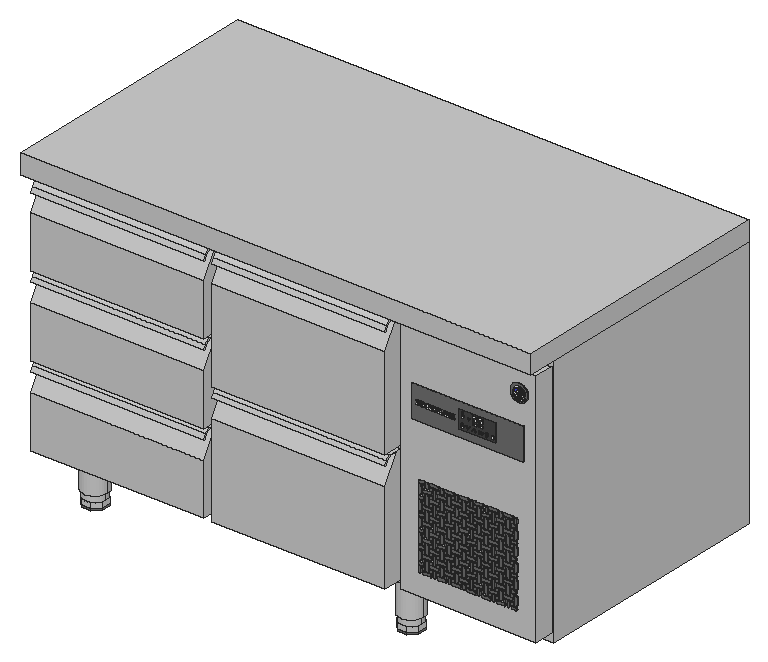
Revit family "QF_HOSHIZAKI_889000838", category Specialty Equipment, Revit 2016 (continued)
Definition of nested family "QF_HOSHIZAKI_ADVANCE_REF-COUNTER-DOORS-DRAWERS"
  Nested families
    nested 4: "2_Drawers_1-2" at (0, 0, 0), Section size <- "Section size", type "2 Drawers 1-2"
      with Worktop thickness 50 mm, Section size 446 mm, Legs height 0 mm, Height Actual 700 mm, Depth Actual 0 mm, 2 Drawers no
    nested 5: "3_Drawers_1-3_2-3" at (0, 0, 0), Section size <- "Section size", type "2 Drawers 1-3 and 2-3"
      with Worktop thickness 40 mm, Section size 446 mm, Legs height 0 mm, Height Actual 750 mm, Depth Actual 0 mm, 2 Drawers 1-3 and 2-3 no
    nested 6: "Right_Glass_Door" at (0, 0, 0), Section size <- "Section size", type "Right glass door"
      with Worktop thickness 40 mm, Section size 446 mm, Legs height 0 mm, Height Actual 750 mm, Depth Actual 0 mm, Right hand hinged glass door no
    nested 7: "Left_Glass_Door" at (0, 0, 0), Section size <- "Section size", type "Left glass door"
      with Worktop thickness 40 mm, Section size 446 mm, Legs height 0 mm, Height Actual 750 mm, Depth Actual 0 mm, Left hand hinged glass door no
  Definition of nested family "3_Drawers_1-3"
    Parameters (values of type "3 Drawers 1-3")
      Worktop thickness [instance] = 50 mm
      URL = "www.specifiglobal.com"
      Section size [instance] = 446 mm
      Model = ""
      Manufacturer = "DEMO CONSULTANT"
      Legs height [instance] = 150 mm
      Height Actual [instance] = 850 mm
      Description = ""
      Depth Actual [instance] = 700 mm
      Assembly Code = "E1090320"
      3 Drawers = yes
    Reference planes
      plane 1 "Back": y = 0
      plane 2: z = 0
      plane 3 "Left": x = 0
      plane 4 "Right": x = 446
      plane 5 "Front": y = -700
      plane 6 "Top": z = 850
      plane 7 "Front door": y = -633
      plane 8 "Bottom shelf": z = 150
      plane 9 "Worktop bottom": z = 800
      plane 10: z = 784
      plane 11: z = 170
      plane 12: z = 584
      plane 13: z = 577
      plane 14: z = 370
      plane 15: z = 377
      plane 16: z = 580.5
      plane 17: z = 373.5
      plane 18: z = 166.5
      plane 19: z = 787.5
    Forms (mm)
      Extrusion 1, solid, visible <- "3 Drawers"
        sketch origin (860, -633, 4000) x (-1, 0, 0) y (0, 0, 1)
          loop
            line (852, -3224) -> (422, -3224) -> (422, -3408) -> (852, -3408) -> (852, -3224)
          loop
            line (823, -3253) -> (451, -3253) -> (451, -3379) -> (823, -3379) -> (823, -3253)
        from 0 to -11
      Extrusion 2, solid, visible <- "3 Drawers"
        sketch origin (0, 0, 0) x (0, 1, 0) y (0, 0, 1)
          loop
            line (-644, 784) -> (-675.296, 784)
            arc (-675.296, 784) -> (-683.245, 781.721) -> (-688.778, 775.576) r 15
            line (-688.778, 775.576) -> (-694, 764.869) -> (-692.202, 763.992) -> (-686.981, 774.699)
            arc (-686.981, 774.699) -> (-682.185, 780.025) -> (-675.296, 782) r 13
            line (-675.296, 782) -> (-656.484, 782) -> (-694, 717.02) -> (-694, 584) -> (-644, 584) -> (-644, 784)
        from 0 to 446
      Extrusion 3, solid, visible <- "3 Drawers"
        sketch origin (0, 0, -237.3) x (0, 1, 0) y (0, 0, 1)
          loop
            line (-644, 814.3) -> (-675.296, 814.3)
            arc (-675.296, 814.3) -> (-683.245, 812.021) -> (-688.778, 805.876) r 15
            line (-688.778, 805.876) -> (-694, 795.169) -> (-692.202, 794.292) -> (-686.981, 804.999)
            arc (-686.981, 804.999) -> (-682.185, 810.325) -> (-675.296, 812.3) r 13
            line (-675.296, 812.3) -> (-656.484, 812.3) -> (-694, 747.32) -> (-694, 614.3) -> (-644, 614.3) -> (-644, 814.3)
        from 0 to 446
      Extrusion 4, solid, visible <- "3 Drawers"
        sketch origin (0, 0, -463.333) x (0, 1, 0) y (0, 0, 1)
          loop
            line (-644, 833.333) -> (-675.296, 833.333)
            arc (-675.296, 833.333) -> (-683.245, 831.054) -> (-688.778, 824.909) r 15
            line (-688.778, 824.909) -> (-694, 814.202) -> (-692.202, 813.326) -> (-686.981, 824.032)
            arc (-686.981, 824.032) -> (-682.185, 829.358) -> (-675.296, 831.333) r 13
            line (-675.296, 831.333) -> (-656.484, 831.333) -> (-694, 766.353) -> (-694, 633.333) -> (-644, 633.333) -> (-644, 833.333)
        from 0 to 446
      Extrusion 5, solid, visible <- "3 Drawers"
        sketch origin (860, -633, 3773.7) x (-1, 0, 0) y (0, 0, 1)
          loop
            line (852, -3204.7) -> (422, -3204.7) -> (422, -3388.7) -> (852, -3388.7) -> (852, -3204.7)
          loop
            line (823, -3233.7) -> (451, -3233.7) -> (451, -3359.7) -> (823, -3359.7) -> (823, -3233.7)
        from 0 to -11
      Extrusion 6, solid, visible <- "3 Drawers"
        sketch origin (860, -633, 3547) x (-1, 0, 0) y (0, 0, 1)
          loop
            line (852, -3185) -> (422, -3185) -> (422, -3369) -> (852, -3369) -> (852, -3185)
          loop
            line (823, -3214) -> (451, -3214) -> (451, -3340) -> (823, -3340) -> (823, -3214)
        from 0 to -11
      Extrusion 7, solid, visible <- "3 Drawers", detail levels coarse
        sketch origin (0, -608.657, 584) x (0, 1, 0) y (-1, 0, 0)
          loop
            line (-85.343, 0) -> (-551.343, 0) -> (-551.343, -446) -> (-85.343, -446) -> (-85.343, 0)
        from 0 to 200
      Extrusion 8, solid, visible <- "3 Drawers", detail levels coarse
        sketch origin (0, -503.657, 377) x (0, 1, 0) y (-1, 0, 0)
          loop
            line (-190.343, 0) -> (-656.343, 0) -> (-656.343, -446) -> (-190.343, -446) -> (-190.343, 0)
        from 0 to 200
      Extrusion 9, solid, visible <- "3 Drawers", detail levels coarse
        sketch origin (0, -343.657, 170) x (0, 1, 0) y (-1, 0, 0)
          loop
            line (-350.343, 0) -> (-816.343, 0) -> (-816.343, -446) -> (-350.343, -446) -> (-350.343, 0)
        from 0 to 200
    Lines and regions (mm)
      symbolic lines, visible <- "3 Drawers"
        curve 1: line (0, -808, 850) -> (0, -854, 850)
        curve 2: line (0, -854, 850) -> (446, -854, 850)
        curve 3: line (446, -854, 850) -> (446, -808, 850)
        curve 4: line (446, -808, 850) -> (0, -808, 850)
        curve 5: line (416, -808, 850) -> (416, -700, 850)
        curve 6: line (30, -808, 850) -> (30, -700, 850)
        curve 7: line (0, -961, 850) -> (0, -1007, 850)
        curve 8: line (0, -1007, 850) -> (446, -1007, 850)
        curve 9: line (446, -1007, 850) -> (446, -961, 850)
        curve 10: line (446, -961, 850) -> (0, -961, 850)
        curve 11: line (416, -961, 850) -> (416, -854, 850)
        curve 12: line (30, -961, 850) -> (30, -854, 850)
        curve 13: line (0, -1114, 850) -> (0, -1160, 850)
        curve 14: line (0, -1160, 850) -> (446, -1160, 850)
        curve 15: line (446, -1160, 850) -> (446, -1114, 850)
        curve 16: line (446, -1114, 850) -> (0, -1114, 850)
        curve 17: line (416, -1114, 850) -> (416, -1007, 850)
        curve 18: line (30, -1114, 850) -> (30, -1007, 850)
    Dimensions and locks
      "Section size": plane 3 "Left" to plane 4 "Right"
      "Depth Actual": plane 5 "Front" to plane 1 "Back"
      "Height Actual": plane 6 "Top" to level
      locked: plane 7 "Front door" to plane 5 "Front" at 67
      "Legs height": plane 8 "Bottom shelf" to plane 2
      "Worktop thickness": plane 6 "Top" to plane 9 "Worktop bottom"
      locked: plane 11 to plane 8 "Bottom shelf" at 20
      locked: plane 9 "Worktop bottom" to plane 10 at 16
      locked: plane 12 to plane 13 at 7
      locked: plane 15 to plane 14 at 7
      locked: plane 11 to plane 18 at 3.5
      equal spacing: plane 12, plane 16, plane 13
      equal spacing: plane 15, plane 17, plane 14
      locked: plane 19 to plane 10 at 3.5
      equal spacing: plane 19, plane 16, plane 17, plane 18
      aligned and locked: level to plane 2
      aligned and locked: Extrusion 2 to plane 4 "Right"
      aligned and locked: Extrusion 3 to plane 4 "Right"
      aligned and locked: Extrusion 4 to plane 4 "Right"
      aligned and locked: plane 4 "Right" to Extrusion 7 sketch curve
      aligned and locked: plane 3 "Left" to Extrusion 7 sketch curve
      aligned and locked: Extrusion 7 to plane 10
      aligned and locked: Extrusion 8 to plane 13
      aligned and locked: Extrusion 9 to plane 14
      aligned and locked: plane 10 to Extrusion 2 sketch curve
      aligned and locked: Extrusion 2 sketch curve to plane 12
      aligned and locked: Extrusion 3 sketch curve to plane 15
      aligned and locked: plane 13 to Extrusion 3 sketch curve
    Automatic sketch dimensions
      plane 4 "Right" to Extrusion 1 sketch curve = 8 mm
      plane 4 "Right" to Extrusion 1 sketch curve = 37 mm
      plane 3 "Left" to Extrusion 1 sketch curve = 37 mm
      plane 3 "Left" to Extrusion 1 sketch curve = 8 mm
      plane 12 to Extrusion 1 sketch curve = 8 mm
      plane 12 to Extrusion 1 sketch curve = 37 mm
      Extrusion 1 sketch curve to plane 10 = 37 mm
      Extrusion 1 sketch curve to plane 10 = 8 mm
      plane 4 "Right" to Extrusion 5 sketch curve = 8 mm
      plane 4 "Right" to Extrusion 5 sketch curve = 37 mm
      plane 3 "Left" to Extrusion 5 sketch curve = 37 mm
      plane 3 "Left" to Extrusion 5 sketch curve = 8 mm
      plane 15 to Extrusion 5 sketch curve = 8 mm
      plane 15 to Extrusion 5 sketch curve = 37 mm
      Extrusion 5 sketch curve to plane 13 = 37 mm
      Extrusion 5 sketch curve to plane 13 = 8 mm
      plane 4 "Right" to Extrusion 6 sketch curve = 8 mm
      plane 4 "Right" to Extrusion 6 sketch curve = 37 mm
      plane 3 "Left" to Extrusion 6 sketch curve = 37 mm
      plane 3 "Left" to Extrusion 6 sketch curve = 8 mm
      plane 11 to Extrusion 6 sketch curve = 8 mm
      plane 11 to Extrusion 6 sketch curve = 37 mm
      Extrusion 6 sketch curve to plane 14 = 37 mm
      Extrusion 6 sketch curve to plane 14 = 8 mm
      Extrusion 7 sketch curve to plane 5 "Front" = 460 mm
      plane 5 "Front" to Extrusion 7 sketch curve = 6 mm
      Extrusion 8 sketch curve to plane 3 "Left" = 0 mm
      Extrusion 8 sketch curve to plane 4 "Right" = 0 mm
      Extrusion 8 sketch curve to plane 5 "Front" = 460 mm
      plane 5 "Front" to Extrusion 8 sketch curve = 6 mm
      Extrusion 9 sketch curve to plane 3 "Left" = 0 mm
      Extrusion 9 sketch curve to plane 4 "Right" = 0 mm
      Extrusion 9 sketch curve to plane 5 "Front" = 460 mm
      plane 5 "Front" to Extrusion 9 sketch curve = 6 mm
      curve 13 to plane 3 "Left" = 0 mm
      curve 14 to plane 4 "Right" = 0 mm
      curve 7 to plane 3 "Left" = 0 mm
      curve 8 to plane 4 "Right" = 0 mm
      curve 1 to plane 3 "Left" = 0 mm
      curve 3 to plane 4 "Right" = 0 mm
      curve 6 to plane 5 "Front" = 0 mm
      curve 5 to plane 5 "Front" = 0 mm
      curve 1 to plane 5 "Front" = 108 mm
      curve 2 to curve 3 = 46 mm
      curve 7 to curve 1 = 107 mm
      curve 9 to curve 9 = 46 mm
      curve 16 to curve 7 = 107 mm
      curve 14 to curve 13 = 46 mm
      curve 8 to curve 17 = 30 mm
      curve 9 to curve 11 = 30 mm
      curve 3 to curve 5 = 30 mm
      plane 3 "Left" to curve 6 = 30 mm
      plane 3 "Left" to curve 18 = 30 mm
      plane 3 "Left" to curve 12 = 30 mm
      Extrusion 2 sketch curve to Extrusion 2 sketch curve = 0 mm  (x3)
      plane 5 "Front" to Extrusion 2 sketch curve = 6 mm  (x2)
      Extrusion 2 sketch curve to Extrusion 2 sketch curve = 1.798 mm  (x2)
      Extrusion 2 sketch curve to Extrusion 2 sketch curve = 11.684 mm
      plane 5 "Front" to Extrusion 2 sketch curve = 43.516 mm
      plane 5 "Front" to Extrusion 2 sketch curve = 56 mm
      Extrusion 2 sketch curve to plane 10 = 66.98 mm
      Extrusion 3 sketch curve to Extrusion 3 sketch curve = 0 mm  (x4)
      Extrusion 3 sketch curve to Extrusion 3 sketch curve = 1.798 mm  (x2)
      plane 5 "Front" to Extrusion 3 sketch curve = 11.222 mm
      Extrusion 3 sketch curve to Extrusion 3 sketch curve = 18.812 mm
      Extrusion 3 sketch curve to plane 7 "Front door" = 11 mm
      Extrusion 3 sketch curve to Extrusion 3 sketch curve = 46.972 mm
      Extrusion 4 sketch curve to Extrusion 4 sketch curve = 0 mm  (x2)
      Extrusion 4 sketch curve to plane 11 = 0 mm
      Extrusion 4 sketch curve to plane 14 = 0 mm
      Extrusion 4 sketch curve to plane 7 "Front door" = 61 mm  (x2)
      Extrusion 4 sketch curve to Extrusion 4 sketch curve = 1.798 mm  (x2)
      Extrusion 4 sketch curve to plane 14 = 8.424 mm
      Extrusion 4 sketch curve to Extrusion 4 sketch curve = 5.222 mm
      Extrusion 4 sketch curve to plane 14 = 9.301 mm
      Extrusion 4 sketch curve to plane 7 "Front door" = 42.296 mm
      Extrusion 4 sketch curve to plane 7 "Front door" = 23.484 mm
      Extrusion 4 sketch curve to plane 7 "Front door" = 11 mm
      Extrusion 4 sketch curve to Extrusion 4 sketch curve = 46.972 mm
      plane 5 "Front" to Extrusion 2 sketch curve = 11.222 mm
      plane 5 "Front" to Extrusion 3 sketch curve = 7.798 mm
      plane 5 "Front" to Extrusion 3 sketch curve = 6 mm
      Extrusion 3 sketch curve to Extrusion 3 sketch curve = 11.684 mm
      Extrusion 3 sketch curve to Extrusion 3 sketch curve = 66.98 mm
      Extrusion 3 sketch curve to Extrusion 3 sketch curve = 0.877 mm
      Extrusion 2 sketch curve to plane 10 = 20.008 mm
      Extrusion 2 sketch curve to Extrusion 2 sketch curve = 0.877 mm
  Definition of nested family "Right_Door"
    Parameters (values of type "Right door")
      Worktop thickness [instance] = 50 mm
      URL = "www.specifiglobal.com"
      Section size [instance] = 446 mm
      Right hand hinged door = yes
      Model = ""
      Manufacturer = "DEMO CONSULTANT"
      Legs height [instance] = 150 mm
      Height Actual [instance] = 850 mm
      Description = ""
      Depth Actual [instance] = 700 mm
      Assembly Code = "E1090320"
    Reference planes
      plane 1 "Back": y = 0
      plane 2: z = 0
      plane 3 "Left": x = 0
      plane 4 "Right": x = 446
      plane 5 "Front": y = -700
      plane 6 "Top": z = 850
      plane 7 "Front door": y = -633
      plane 8 "Bottom shelf": z = 150
      plane 9 "Worktop bottom": z = 800
      plane 10: z = 784
      plane 11: z = 170
    Forms (mm)
      Extrusion 1, solid, visible <- "Right hand hinged door", detail levels coarse
        sketch origin (0, -608.657, 170) x (0, 1, 0) y (-1, 0, 0)
          loop
            arc (-85.343, 0) -> (-400.712, -130.63) -> (-531.343, -446) r 446
            line (-531.343, -446) -> (-85.343, -446) -> (-85.343, 0)
        from 0 to 614
      Extrusion 2, solid, visible <- "Right hand hinged door"
        sketch origin (860, -633, 4000) x (-1, 0, 0) y (0, 0, 1)
          loop
            line (852, -3224) -> (422, -3224) -> (422, -3822) -> (852, -3822) -> (852, -3224)
          loop
            line (823, -3253) -> (451, -3253) -> (451, -3793) -> (823, -3793) -> (823, -3253)
        from 0 to -11
      Extrusion 3, solid, visible <- "Right hand hinged door"
        sketch origin (0, 0, 0) x (0, 1, 0) y (0, 0, 1)
          loop
            line (-644, 784) -> (-675.296, 784)
            arc (-675.296, 784) -> (-683.245, 781.721) -> (-688.778, 775.576) r 15
            line (-688.778, 775.576) -> (-694, 764.869) -> (-692.202, 763.992) -> (-686.981, 774.699)
            arc (-686.981, 774.699) -> (-682.185, 780.025) -> (-675.296, 782) r 13
            line (-675.296, 782) -> (-656.484, 782) -> (-694, 717.02) -> (-694, 170) -> (-644, 170) -> (-644, 784)
        from 0 to 446
    Lines and regions (mm)
      symbolic lines, visible <- "Right hand hinged door"
        curve 1: line (446, -700, 850) -> (446, -1140, 850)
        curve 2: arc (0.04, -700, 850) -> (132.759, -1011.484, 850) -> (446, -1140, 850) r 446
    Dimensions and locks
      "Section size": plane 3 "Left" to plane 4 "Right"
      "Depth Actual": plane 5 "Front" to plane 1 "Back"
      "Height Actual": plane 6 "Top" to level
      locked: plane 7 "Front door" to plane 5 "Front" at 67
      "Legs height": plane 8 "Bottom shelf" to plane 2
      "Worktop thickness": plane 6 "Top" to plane 9 "Worktop bottom"
      locked: plane 11 to plane 8 "Bottom shelf" at 20
      locked: plane 9 "Worktop bottom" to plane 10 at 16
      aligned and locked: level to plane 2
      aligned and locked: Extrusion 1 to plane 10
      aligned and locked: Extrusion 3 to plane 4 "Right"
      aligned and locked: curve 2 to Extrusion 1
      aligned and locked: plane 10 to Extrusion 3 sketch curve
      aligned and locked: Extrusion 3 sketch curve to plane 11
    Automatic sketch dimensions
      plane 4 "Right" to Extrusion 2 sketch curve = 8 mm
      plane 4 "Right" to Extrusion 2 sketch curve = 37 mm
      plane 3 "Left" to Extrusion 2 sketch curve = 37 mm
      plane 3 "Left" to Extrusion 2 sketch curve = 8 mm
      plane 11 to Extrusion 2 sketch curve = 8 mm
      plane 11 to Extrusion 2 sketch curve = 37 mm
      Extrusion 2 sketch curve to plane 10 = 37 mm
      Extrusion 2 sketch curve to plane 10 = 8 mm
      Extrusion 1 sketch curve to plane 4 "Right" = 0 mm
      Extrusion 1 sketch curve to plane 3 "Left" = 0 mm
      plane 5 "Front" to Extrusion 1 sketch curve = 6 mm
      curve 1 to plane 5 "Front" = 0 mm
      curve 2 to plane 5 "Front" = 0 mm
      Extrusion 3 sketch curve to Extrusion 3 sketch curve = 0 mm  (x2)
      Extrusion 3 sketch curve to plane 7 "Front door" = 61 mm  (x2)
      Extrusion 3 sketch curve to Extrusion 3 sketch curve = 1.798 mm  (x2)
      Extrusion 3 sketch curve to plane 10 = 8.424 mm
      Extrusion 3 sketch curve to Extrusion 3 sketch curve = 5.222 mm
      Extrusion 3 sketch curve to plane 10 = 9.301 mm
      Extrusion 3 sketch curve to plane 7 "Front door" = 42.296 mm
      Extrusion 3 sketch curve to plane 7 "Front door" = 23.484 mm
      Extrusion 3 sketch curve to Extrusion 3 sketch curve = 12.484 mm
      Extrusion 3 sketch curve to Extrusion 3 sketch curve = 46.972 mm
  Definition of nested family "Left_Door"
    Parameters (values of type "Left door")
      Worktop thickness [instance] = 50 mm
      URL = "www.specifiglobal.com"
      Section size [instance] = 450 mm
      Model = ""
      Manufacturer = "DEMO CONSULTANT"
      Legs height [instance] = 150 mm
      Left hand hinged door = yes
      Height Actual [instance] = 850 mm
      Description = ""
      Depth Actual [instance] = 700 mm
      Assembly Code = "E1090320"
    Reference planes
      plane 1 "Back": y = 0
      plane 2: z = 0
      plane 3 "Left": x = 0
      plane 4 "Right": x = 450
      plane 5 "Front": y = -700
      plane 6 "Top": z = 850
      plane 7 "Front door": y = -633
      plane 8 "Bottom shelf": z = 150
      plane 9 "Worktop bottom": z = 800
      plane 10: z = 784
      plane 11: z = 170
    Forms (mm)
      Extrusion 1, solid, visible <- "Left hand hinged door"
        sketch origin (860, -633, 4000) x (-1, 0, 0) y (0, 0, 1)
          loop
            line (852, -3224) -> (418, -3224) -> (418, -3822) -> (852, -3822) -> (852, -3224)
          loop
            line (823, -3253) -> (447, -3253) -> (447, -3793) -> (823, -3793) -> (823, -3253)
        from 0 to -11
      Extrusion 2, solid, visible <- "Left hand hinged door"
        sketch origin (0, 0, 0) x (0, 1, 0) y (0, 0, 1)
          loop
            line (-644, 784) -> (-675.296, 784)
            arc (-675.296, 784) -> (-683.245, 781.721) -> (-688.778, 775.576) r 15
            line (-688.778, 775.576) -> (-694, 764.869) -> (-692.202, 763.992) -> (-686.981, 774.699)
            arc (-686.981, 774.699) -> (-682.185, 780.025) -> (-675.296, 782) r 13
            line (-675.296, 782) -> (-656.484, 782) -> (-694, 717.02) -> (-694, 170) -> (-644, 170) -> (-644, 784)
        from 0 to 450
      Extrusion 3, solid, visible <- "Left hand hinged door", detail levels coarse
        sketch origin (0, -608.657, 170) x (0, 1, 0) y (-1, 0, 0)
          loop
            line (-85.343, -450) -> (-85.343, 0) -> (-535.343, 0)
            arc (-535.343, 0) -> (-403.541, -318.198) -> (-85.343, -450) r 450
        from 0 to 614
    Lines and regions (mm)
      symbolic lines, visible <- "Left hand hinged door"
        curve 1: line (0, -700, 850) -> (0, -1144, 850)
        curve 2: arc (0, -1144, 850) -> (316.07, -1014.312, 850) -> (449.96, -700, 850) r 450
    Dimensions and locks
      "Section size": plane 3 "Left" to plane 4 "Right"
      "Depth Actual": plane 5 "Front" to plane 1 "Back"
      "Height Actual": plane 6 "Top" to level
      locked: plane 7 "Front door" to plane 5 "Front" at 67
      "Legs height": plane 8 "Bottom shelf" to plane 2
      "Worktop thickness": plane 6 "Top" to plane 9 "Worktop bottom"
      locked: plane 11 to plane 8 "Bottom shelf" at 20
      locked: plane 9 "Worktop bottom" to plane 10 at 16
      aligned and locked: level to plane 2
      aligned and locked: Extrusion 2 to plane 4 "Right"
      aligned and locked: Extrusion 3 to plane 10
      aligned and locked: curve 2 to Extrusion 3
      aligned and locked: plane 10 to Extrusion 2 sketch curve
      aligned and locked: Extrusion 2 sketch curve to plane 11
    Automatic sketch dimensions
      plane 4 "Right" to Extrusion 1 sketch curve = 8 mm
      plane 4 "Right" to Extrusion 1 sketch curve = 37 mm
      plane 3 "Left" to Extrusion 1 sketch curve = 37 mm
      plane 3 "Left" to Extrusion 1 sketch curve = 8 mm
      plane 11 to Extrusion 1 sketch curve = 8 mm
      plane 11 to Extrusion 1 sketch curve = 37 mm
      Extrusion 1 sketch curve to plane 10 = 37 mm
      Extrusion 1 sketch curve to plane 10 = 8 mm
      Extrusion 3 sketch curve to plane 3 "Left" = 0 mm
      Extrusion 3 sketch curve to plane 4 "Right" = 0 mm
      plane 5 "Front" to Extrusion 3 sketch curve = 6 mm
      curve 1 to plane 5 "Front" = 0 mm
      curve 2 to plane 5 "Front" = 0 mm
      Extrusion 2 sketch curve to Extrusion 2 sketch curve = 0 mm  (x2)
      plane 5 "Front" to Extrusion 2 sketch curve = 6 mm  (x2)
      Extrusion 2 sketch curve to Extrusion 2 sketch curve = 1.798 mm
      plane 5 "Front" to Extrusion 2 sketch curve = 11.222 mm
      Extrusion 2 sketch curve to Extrusion 2 sketch curve = 11.684 mm
      Extrusion 2 sketch curve to Extrusion 2 sketch curve = 18.812 mm
      Extrusion 2 sketch curve to plane 7 "Front door" = 11 mm
      Extrusion 2 sketch curve to plane 10 = 66.98 mm
      Extrusion 2 sketch curve to plane 10 = 20.008 mm
      Extrusion 2 sketch curve to Extrusion 2 sketch curve = 0.877 mm  (x2)
  Definition of nested family "2_Drawers_1-2"
    Parameters (values of type "2 Drawers 1-2")
      Worktop thickness [instance] = 50 mm
      URL = "www.specifiglobal.com"
      Section size [instance] = 446 mm
      Model = ""
      Manufacturer = "DEMO CONSULTANT"
      Legs height [instance] = 150 mm
      Height Actual [instance] = 850 mm
      Description = ""
      Depth Actual [instance] = 700 mm
      Assembly Code = "E1090320"
      2 Drawers = yes
    Reference planes
      plane 1 "Back": y = 0
      plane 2: z = 0
      plane 3 "Left": x = 0
      plane 4 "Right": x = 446
      plane 5 "Front": y = -700
      plane 6 "Top": z = 850
      plane 7 "Front door": y = -633
      plane 8 "Bottom shelf": z = 150
      plane 9 "Worktop bottom": z = 800
      plane 10: z = 784
      plane 11: z = 170
      plane 12: z = 481
      plane 13: z = 473
      plane 14: z = 477
      plane 15: z = 792
      plane 16: z = 160
    Forms (mm)
      Extrusion 1, solid, visible <- "2 Drawers"
        sketch origin (860, -633, 4000) x (-1, 0, 0) y (0, 0, 1)
          loop
            line (852, -3224) -> (422, -3224) -> (422, -3511) -> (852, -3511) -> (852, -3224)
          loop
            line (823, -3253) -> (451, -3253) -> (451, -3482) -> (823, -3482) -> (823, -3253)
        from 0 to -11
      Extrusion 2, solid, visible <- "2 Drawers"
        sketch origin (0, 0, 0) x (0, 1, 0) y (0, 0, 1)
          loop
            line (-644, 784) -> (-675.296, 784)
            arc (-675.296, 784) -> (-683.245, 781.721) -> (-688.778, 775.576) r 15
            line (-688.778, 775.576) -> (-694, 764.869) -> (-692.202, 763.992) -> (-686.981, 774.699)
            arc (-686.981, 774.699) -> (-682.185, 780.025) -> (-675.296, 782) r 13
            line (-675.296, 782) -> (-656.484, 782) -> (-694, 717.02) -> (-694, 481) -> (-644, 481) -> (-644, 784)
        from 0 to 446
      Extrusion 3, solid, visible <- "2 Drawers"
        sketch origin (0, 0, -463.333) x (0, 1, 0) y (0, 0, 1)
          loop
            line (-644, 936.333) -> (-675.296, 936.333)
            arc (-675.296, 936.333) -> (-683.245, 934.054) -> (-688.778, 927.909) r 15
            line (-688.778, 927.909) -> (-694, 917.202) -> (-692.202, 916.326) -> (-686.981, 927.032)
            arc (-686.981, 927.032) -> (-682.185, 932.358) -> (-675.296, 934.333) r 13
            line (-675.296, 934.333) -> (-656.484, 934.333) -> (-694, 869.353) -> (-694, 633.333) -> (-644, 633.333) -> (-644, 936.333)
        from 0 to 446
      Extrusion 4, solid, visible <- "2 Drawers"
        sketch origin (860, -633, 3547) x (-1, 0, 0) y (0, 0, 1)
          loop
            line (852, -3082) -> (422, -3082) -> (422, -3369) -> (852, -3369) -> (852, -3082)
          loop
            line (823, -3111) -> (451, -3111) -> (451, -3340) -> (823, -3340) -> (823, -3111)
        from 0 to -11
      Extrusion 5, solid, visible <- "2 Drawers", detail levels coarse
        sketch origin (0, -608.657, 481) x (0, 1, 0) y (-1, 0, 0)
          loop
            line (-85.343, 0) -> (-551.343, 0) -> (-551.343, -446) -> (-85.343, -446) -> (-85.343, 0)
        from 0 to 303
      Extrusion 6, solid, visible <- "2 Drawers", detail levels coarse
        sketch origin (0, -343.657, 170) x (0, 1, 0) y (-1, 0, 0)
          loop
            line (-350.343, 0) -> (-816.343, 0) -> (-816.343, -446) -> (-350.343, -446) -> (-350.343, 0)
        from 0 to 303
    Lines and regions (mm)
      symbolic lines, visible <- "2 Drawers"
        curve 1: line (0, -884, 850) -> (0, -930, 850)
        curve 2: line (0, -930, 850) -> (446, -930, 850)
        curve 3: line (446, -930, 850) -> (446, -884, 850)
        curve 4: line (446, -884, 850) -> (0, -884, 850)
        curve 5: line (416, -884, 850) -> (416, -700, 850)
        curve 6: line (30, -884, 850) -> (30, -700, 850)
        curve 7: line (0, -1114, 850) -> (0, -1160, 850)
        curve 8: line (0, -1160, 850) -> (446, -1160, 850)
        curve 9: line (446, -1160, 850) -> (446, -1114, 850)
        curve 10: line (446, -1114, 850) -> (0, -1114, 850)
        curve 11: line (416, -1114, 850) -> (416, -930, 850)
        curve 12: line (30, -1114, 850) -> (30, -930, 850)
    Dimensions and locks
      "Section size": plane 3 "Left" to plane 4 "Right"
      "Depth Actual": plane 5 "Front" to plane 1 "Back"
      "Height Actual": plane 6 "Top" to level
      locked: plane 7 "Front door" to plane 5 "Front" at 67
      "Legs height": plane 8 "Bottom shelf" to plane 2
      "Worktop thickness": plane 6 "Top" to plane 9 "Worktop bottom"
      locked: plane 11 to plane 8 "Bottom shelf" at 20
      locked: plane 9 "Worktop bottom" to plane 10 at 16
      equal spacing: plane 9 "Worktop bottom", plane 15, plane 10
      equal spacing: plane 11, plane 16, plane 8 "Bottom shelf"
      plane 12 to plane 13 = 8 mm
      equal spacing: plane 12, plane 14, plane 13
      equal spacing: plane 10, plane 14, plane 11
      aligned and locked: level to plane 2
      aligned and locked: Extrusion 2 to plane 4 "Right"
      aligned and locked: Extrusion 3 to plane 4 "Right"
      aligned and locked: plane 4 "Right" to Extrusion 5 sketch curve
      aligned and locked: plane 3 "Left" to Extrusion 5 sketch curve
      aligned and locked: Extrusion 5 to plane 10
      aligned and locked: Extrusion 6 to plane 13
      aligned and locked: Extrusion 2 sketch curve to plane 12
      aligned and locked: plane 10 to Extrusion 2 sketch curve
      aligned and locked: Extrusion 3 sketch curve to plane 11
      aligned and locked: plane 13 to Extrusion 3 sketch curve
    Automatic sketch dimensions
      plane 4 "Right" to Extrusion 1 sketch curve = 8 mm
      plane 4 "Right" to Extrusion 1 sketch curve = 37 mm
      plane 3 "Left" to Extrusion 1 sketch curve = 37 mm
      plane 3 "Left" to Extrusion 1 sketch curve = 8 mm
      plane 12 to Extrusion 1 sketch curve = 8 mm
      plane 12 to Extrusion 1 sketch curve = 37 mm
      Extrusion 1 sketch curve to plane 10 = 37 mm
      Extrusion 1 sketch curve to plane 10 = 8 mm
      plane 4 "Right" to Extrusion 4 sketch curve = 8 mm
      plane 4 "Right" to Extrusion 4 sketch curve = 37 mm
      plane 3 "Left" to Extrusion 4 sketch curve = 37 mm
      plane 3 "Left" to Extrusion 4 sketch curve = 8 mm
      plane 11 to Extrusion 4 sketch curve = 8 mm
      plane 11 to Extrusion 4 sketch curve = 37 mm
      Extrusion 4 sketch curve to plane 13 = 37 mm
      Extrusion 4 sketch curve to plane 13 = 8 mm
      Extrusion 5 sketch curve to plane 5 "Front" = 460 mm
      plane 5 "Front" to Extrusion 5 sketch curve = 6 mm
      Extrusion 6 sketch curve to plane 3 "Left" = 0 mm
      Extrusion 6 sketch curve to plane 4 "Right" = 0 mm
      Extrusion 6 sketch curve to plane 5 "Front" = 460 mm
      plane 5 "Front" to Extrusion 6 sketch curve = 6 mm
      curve 8 to plane 3 "Left" = 0 mm
      curve 8 to plane 4 "Right" = 0 mm
      curve 3 to plane 4 "Right" = 0 mm
      curve 1 to plane 3 "Left" = 0 mm
      curve 5 to plane 5 "Front" = 0 mm
      curve 6 to plane 5 "Front" = 0 mm
      curve 4 to plane 5 "Front" = 184 mm
      curve 2 to curve 1 = 46 mm
      curve 7 to curve 1 = 184 mm
      curve 9 to curve 9 = 46 mm
      plane 4 "Right" to curve 5 = 30 mm
      plane 4 "Right" to curve 11 = 30 mm
      plane 3 "Left" to curve 12 = 30 mm
      plane 3 "Left" to curve 6 = 30 mm
      Extrusion 2 sketch curve to Extrusion 2 sketch curve = 0 mm  (x2)
      plane 5 "Front" to Extrusion 2 sketch curve = 6 mm  (x2)
      Extrusion 2 sketch curve to Extrusion 2 sketch curve = 1.798 mm  (x2)
      Extrusion 2 sketch curve to Extrusion 2 sketch curve = 5.222 mm
      plane 5 "Front" to Extrusion 2 sketch curve = 24.704 mm
      plane 5 "Front" to Extrusion 2 sketch curve = 43.516 mm
      plane 5 "Front" to Extrusion 2 sketch curve = 56 mm
      Extrusion 2 sketch curve to Extrusion 2 sketch curve = 46.972 mm
      Extrusion 2 sketch curve to Extrusion 2 sketch curve = 0.877 mm
      Extrusion 2 sketch curve to Extrusion 2 sketch curve = 5.699 mm
      plane 5 "Front" to Extrusion 3 sketch curve = 6 mm  (x2)
      Extrusion 3 sketch curve to Extrusion 3 sketch curve = 1.798 mm  (x2)
      Extrusion 3 sketch curve to Extrusion 3 sketch curve = 5.222 mm
      Extrusion 3 sketch curve to Extrusion 3 sketch curve = 11.684 mm
      plane 5 "Front" to Extrusion 3 sketch curve = 43.516 mm
      plane 5 "Front" to Extrusion 3 sketch curve = 56 mm
      Extrusion 3 sketch curve to Extrusion 3 sketch curve = 46.972 mm
      Extrusion 3 sketch curve to Extrusion 3 sketch curve = 0 mm  (x2)
      Extrusion 3 sketch curve to Extrusion 3 sketch curve = 5.699 mm
      Extrusion 3 sketch curve to Extrusion 3 sketch curve = 0.877 mm
  Definition of nested family "3_Drawers_1-3_2-3"
    Parameters (values of type "2 Drawers 1-3 and 2-3")
      Worktop thickness [instance] = 40 mm
      URL = "www.specifiglobal.com"
      Section size [instance] = 421 mm
      Model = ""
      Manufacturer = "DEMO CONSULTANT"
      Legs height [instance] = 150 mm
      Height Actual [instance] = 900 mm
      Description = ""
      Depth Actual [instance] = 700 mm
      Assembly Code = "E1090320"
      2 Drawers 1-3 and 2-3 = yes
    Reference planes
      plane 1 "Back": y = 0
      plane 2: z = 0
      plane 3 "Left": x = 0
      plane 4 "Right": x = 421
      plane 5 "Front": y = -700
      plane 6 "Top": z = 900
      plane 7 "Front door": y = -633
      plane 8 "Bottom shelf": z = 150
      plane 9 "Worktop bottom": z = 860
      plane 10: z = 841
      plane 11: z = 186
      plane 12: z = 627
      plane 13: z = 620
      plane 14: z = 623.5
      plane 15: z = 850.5
      plane 16: z = 168
    Forms (mm)
      Extrusion 1, solid, visible <- "2 Drawers 1-3 and 2-3"
        sketch origin (860, -633, 4000) x (-1, 0, 0) y (0, 0, 1)
          loop
            line (852, -3167) -> (447, -3167) -> (447, -3365) -> (852, -3365) -> (852, -3167)
          loop
            line (823, -3196) -> (476, -3196) -> (476, -3336) -> (823, -3336) -> (823, -3196)
        from 0 to -11
      Extrusion 2, solid, visible <- "2 Drawers 1-3 and 2-3"
        sketch origin (0, 0, 0) x (0, 1, 0) y (0, 0, 1)
          loop
            line (-644, 841) -> (-675.296, 841)
            arc (-675.296, 841) -> (-683.245, 838.721) -> (-688.778, 832.576) r 15
            line (-688.778, 832.576) -> (-694, 821.869) -> (-692.202, 820.992) -> (-686.981, 831.699)
            arc (-686.981, 831.699) -> (-682.185, 837.025) -> (-675.296, 839) r 13
            line (-675.296, 839) -> (-656.484, 839) -> (-694, 774.02) -> (-694, 627) -> (-644, 627) -> (-644, 841)
        from 0 to 421
      Extrusion 3, solid, visible <- "2 Drawers 1-3 and 2-3"
        sketch origin (0, 0, -463.333) x (0, 1, 0) y (0, 0, 1)
          loop
            line (-644, 1083.333) -> (-675.296, 1083.333)
            arc (-675.296, 1083.333) -> (-683.245, 1081.054) -> (-688.778, 1074.909) r 15
            line (-688.778, 1074.909) -> (-694, 1064.202) -> (-692.202, 1063.326) -> (-686.981, 1074.032)
            arc (-686.981, 1074.032) -> (-682.185, 1079.358) -> (-675.296, 1081.333) r 13
            line (-675.296, 1081.333) -> (-656.484, 1081.333) -> (-694, 1016.353) -> (-694, 649.333) -> (-644, 649.333) -> (-644, 1083.333)
        from 0 to 421
      Extrusion 4, solid, visible <- "2 Drawers 1-3 and 2-3"
        sketch origin (860, -633, 3547) x (-1, 0, 0) y (0, 0, 1)
          loop
            line (852, -2935) -> (447, -2935) -> (447, -3353) -> (852, -3353) -> (852, -2935)
          loop
            line (823, -2964) -> (476, -2964) -> (476, -3324) -> (823, -3324) -> (823, -2964)
        from 0 to -11
      Extrusion 5, solid, visible <- "2 Drawers 1-3 and 2-3", detail levels coarse
        sketch origin (0, -608.657, 627) x (0, 1, 0) y (-1, 0, 0)
          loop
            line (-85.343, 0) -> (-551.343, 0) -> (-551.343, -421) -> (-85.343, -421) -> (-85.343, 0)
        from 0 to 214
      Extrusion 6, solid, visible <- "2 Drawers 1-3 and 2-3", detail levels coarse
        sketch origin (0, -343.657, 186) x (0, 1, 0) y (-1, 0, 0)
          loop
            line (-350.343, 0) -> (-816.343, 0) -> (-816.343, -421) -> (-350.343, -421) -> (-350.343, 0)
        from 0 to 434
    Lines and regions (mm)
      symbolic lines, visible <- "2 Drawers 1-3 and 2-3"
        curve 1: line (0, -804, 900) -> (0, -850, 900)
        curve 2: line (0, -850, 900) -> (421, -850, 900)
        curve 3: line (421, -850, 900) -> (421, -804, 900)
        curve 4: line (421, -804, 900) -> (0, -804, 900)
        curve 5: line (391, -804, 900) -> (391, -700, 900)
        curve 6: line (30, -804, 900) -> (30, -700, 900)
        curve 7: line (0, -1114, 900) -> (0, -1160, 900)
        curve 8: line (0, -1160, 900) -> (421, -1160, 900)
        curve 9: line (421, -1160, 900) -> (421, -1114, 900)
        curve 10: line (421, -1114, 900) -> (0, -1114, 900)
        curve 11: line (391, -1114, 900) -> (391, -850, 900)
        curve 12: line (30, -1114, 900) -> (30, -850, 900)
    Dimensions and locks
      "Section size": plane 3 "Left" to plane 4 "Right"
      "Depth Actual": plane 5 "Front" to plane 1 "Back"
      "Height Actual": plane 6 "Top" to level
      locked: plane 7 "Front door" to plane 5 "Front" at 67
      "Legs height": plane 8 "Bottom shelf" to plane 2
      "Worktop thickness": plane 6 "Top" to plane 9 "Worktop bottom"
      locked: plane 11 to plane 8 "Bottom shelf" at 36
      locked: plane 9 "Worktop bottom" to plane 10 at 19
      locked: plane 12 to plane 13 at 7
      equal spacing: plane 9 "Worktop bottom", plane 15, plane 10
      equal spacing: plane 11, plane 16, plane 8 "Bottom shelf"
      locked: Extrusion 4 sketch curve to plane 13 at 37
      locked: Extrusion 4 sketch curve to plane 13 at 8
      equal spacing: plane 12, plane 14, plane 13
      locked: plane 10 to plane 12 at 214
      aligned and locked: level to plane 2
      aligned and locked: Extrusion 2 to plane 4 "Right"
      aligned and locked: Extrusion 3 to plane 4 "Right"
      aligned and locked: plane 4 "Right" to Extrusion 5 sketch curve
      aligned and locked: plane 3 "Left" to Extrusion 5 sketch curve
      aligned and locked: Extrusion 5 to plane 10
      aligned and locked: Extrusion 6 to plane 13
      aligned and locked: plane 10 to Extrusion 2 sketch curve
      aligned and locked: Extrusion 2 sketch curve to plane 12
      aligned and locked: Extrusion 3 sketch curve to plane 11
      aligned and locked: plane 13 to Extrusion 3 sketch curve
    Automatic sketch dimensions
      plane 4 "Right" to Extrusion 1 sketch curve = 8 mm
      plane 4 "Right" to Extrusion 1 sketch curve = 37 mm
      plane 3 "Left" to Extrusion 1 sketch curve = 37 mm
      plane 3 "Left" to Extrusion 1 sketch curve = 8 mm
      plane 12 to Extrusion 1 sketch curve = 8 mm
      plane 12 to Extrusion 1 sketch curve = 37 mm
      Extrusion 1 sketch curve to plane 10 = 37 mm
      Extrusion 1 sketch curve to plane 10 = 8 mm
      plane 4 "Right" to Extrusion 4 sketch curve = 8 mm
      plane 4 "Right" to Extrusion 4 sketch curve = 37 mm
      plane 3 "Left" to Extrusion 4 sketch curve = 37 mm
      plane 3 "Left" to Extrusion 4 sketch curve = 8 mm
      plane 11 to Extrusion 4 sketch curve = 8 mm
      plane 11 to Extrusion 4 sketch curve = 37 mm
      Extrusion 5 sketch curve to plane 5 "Front" = 460 mm
      plane 5 "Front" to Extrusion 5 sketch curve = 6 mm
      Extrusion 6 sketch curve to plane 3 "Left" = 0 mm
      Extrusion 6 sketch curve to plane 4 "Right" = 0 mm
      Extrusion 6 sketch curve to plane 5 "Front" = 460 mm
      plane 5 "Front" to Extrusion 6 sketch curve = 6 mm
      curve 8 to plane 3 "Left" = 0 mm
      curve 8 to plane 4 "Right" = 0 mm
      curve 3 to plane 4 "Right" = 0 mm
      curve 1 to plane 3 "Left" = 0 mm
      curve 5 to plane 5 "Front" = 0 mm
      curve 6 to plane 5 "Front" = 0 mm
      curve 4 to plane 5 "Front" = 104 mm
      curve 2 to curve 1 = 46 mm
      curve 7 to curve 1 = 264 mm
      curve 9 to curve 9 = 46 mm
      curve 3 to curve 5 = 30 mm
      plane 4 "Right" to curve 11 = 30 mm
      plane 3 "Left" to curve 12 = 30 mm
      plane 3 "Left" to curve 6 = 30 mm
      Extrusion 2 sketch curve to Extrusion 2 sketch curve = 0 mm  (x2)
      Extrusion 2 sketch curve to plane 7 "Front door" = 61 mm  (x2)
      Extrusion 2 sketch curve to Extrusion 2 sketch curve = 1.798 mm  (x2)
      Extrusion 2 sketch curve to Extrusion 2 sketch curve = 5.222 mm
      Extrusion 2 sketch curve to Extrusion 2 sketch curve = 11.684 mm
      Extrusion 2 sketch curve to Extrusion 2 sketch curve = 18.812 mm
      Extrusion 2 sketch curve to Extrusion 2 sketch curve = 50 mm
      Extrusion 2 sketch curve to Extrusion 2 sketch curve = 46.972 mm
      Extrusion 2 sketch curve to Extrusion 2 sketch curve = 0.877 mm
      Extrusion 2 sketch curve to Extrusion 2 sketch curve = 5.699 mm
      Extrusion 3 sketch curve to Extrusion 3 sketch curve = 0 mm  (x2)
      plane 5 "Front" to Extrusion 3 sketch curve = 6 mm  (x2)
      Extrusion 3 sketch curve to Extrusion 3 sketch curve = 1.798 mm  (x2)
      plane 5 "Front" to Extrusion 3 sketch curve = 11.222 mm
      Extrusion 3 sketch curve to Extrusion 3 sketch curve = 11.684 mm
      Extrusion 3 sketch curve to Extrusion 3 sketch curve = 18.812 mm
      Extrusion 3 sketch curve to plane 7 "Front door" = 11 mm
      Extrusion 3 sketch curve to Extrusion 3 sketch curve = 57.679 mm
      Extrusion 3 sketch curve to Extrusion 3 sketch curve = 10.706 mm
      Extrusion 3 sketch curve to Extrusion 3 sketch curve = 5.699 mm
  Definition of nested family "Right_Glass_Door"
    Parameters (values of type "Right glass door")
      Worktop thickness [instance] = 40 mm
      URL = "www.specifiglobal.com"
      Section size [instance] = 421 mm
      Right hand hinged glass door = yes
      Model = ""
      Manufacturer = "DEMO CONSULTANT"
      Legs height [instance] = 150 mm
      Height Actual [instance] = 900 mm
      Description = ""
      Depth Actual [instance] = 700 mm
      Assembly Code = "E1090320"
    Reference planes
      plane 1 "Back": y = 0
      plane 2: z = 0
      plane 3 "Left": x = 0
      plane 4 "Right": x = 421
      plane 5 "Front": y = -700
      plane 6 "Top": z = 900
      plane 7 "Front door": y = -633
      plane 8 "Bottom shelf": z = 150
      plane 9 "Worktop bottom": z = 860
      plane 10: z = 841
      plane 11: z = 186
    Forms (mm)
      Extrusion 1, solid, visible <- "Right hand hinged glass door", detail levels coarse
        sketch origin (0, -608.657, 186) x (0, 1, 0) y (-1, 0, 0)
          loop
            arc (-85.343, 0) -> (-383.035, -123.308) -> (-506.343, -421) r 421
            line (-506.343, -421) -> (-85.343, -421) -> (-85.343, 0)
        from 0 to 655
      Extrusion 2, solid, visible <- "Right hand hinged glass door"
        sketch origin (860, -633, 4000) x (-1, 0, 0) y (0, 0, 1)
          loop
            line (852, -3167) -> (447, -3167) -> (447, -3806) -> (852, -3806) -> (852, -3167)
          loop
            line (823, -3196) -> (476, -3196) -> (476, -3777) -> (823, -3777) -> (823, -3196)
        from 0 to -11
      Extrusion 3, solid, visible <- "Right hand hinged glass door"
        sketch origin (0, -633, 0) x (-1, 0, 0) y (0, 0, 1)
          loop
            line (0, 841) -> (-421, 841) -> (-421, 186) -> (0, 186) -> (0, 841)
          loop
            line (-50, 791) -> (-371, 791) -> (-371, 236) -> (-50, 236) -> (-50, 791)
        from -11 to -61
      Extrusion 4, solid, visible <- "Right hand hinged glass door"
        sketch origin (0, -633, 0) x (-1, 0, 0) y (0, 0, 1)
          loop
            line (-50, 791) -> (-371, 791) -> (-371, 236) -> (-50, 236) -> (-50, 791)
        from -51 to -61
    Lines and regions (mm)
      symbolic lines, visible <- "Right hand hinged glass door"
        curve 1: line (421, -700, 900) -> (421, -1115, 900)
        curve 2: arc (0.043, -700, 900) -> (125.437, -993.806, 900) -> (421, -1115, 900) r 421
    Dimensions and locks
      "Section size": plane 3 "Left" to plane 4 "Right"
      "Depth Actual": plane 5 "Front" to plane 1 "Back"
      "Height Actual": plane 6 "Top" to level
      locked: plane 7 "Front door" to plane 5 "Front" at 67
      "Legs height": plane 8 "Bottom shelf" to plane 2
      "Worktop thickness": plane 6 "Top" to plane 9 "Worktop bottom"
      locked: plane 11 to plane 8 "Bottom shelf" at 36
      locked: plane 9 "Worktop bottom" to plane 10 at 19
      locked: plane 11 to Extrusion 4 sketch curve at 50
      locked: Extrusion 4 sketch curve to plane 3 "Left" at 50
      locked: Extrusion 4 sketch curve to plane 10 at 50
      locked: plane 4 "Right" to Extrusion 4 sketch curve at 50
      aligned and locked: level to plane 2
      aligned and locked: Extrusion 1 to plane 10
      aligned and locked: Extrusion 3 sketch curve to Extrusion 1  (x2)
      aligned and locked: curve 2 to Extrusion 1
    Automatic sketch dimensions
      plane 4 "Right" to Extrusion 2 sketch curve = 8 mm
      plane 4 "Right" to Extrusion 2 sketch curve = 37 mm
      plane 3 "Left" to Extrusion 2 sketch curve = 37 mm
      plane 3 "Left" to Extrusion 2 sketch curve = 8 mm
      plane 11 to Extrusion 2 sketch curve = 8 mm
      plane 11 to Extrusion 2 sketch curve = 37 mm
      Extrusion 2 sketch curve to plane 10 = 37 mm
      Extrusion 2 sketch curve to plane 10 = 8 mm
      plane 4 "Right" to Extrusion 3 sketch curve = 50 mm
      plane 3 "Left" to Extrusion 3 sketch curve = 50 mm
      plane 11 to Extrusion 3 sketch curve = 50 mm
      Extrusion 3 sketch curve to plane 10 = 50 mm
      Extrusion 1 sketch curve to plane 4 "Right" = 0 mm
      Extrusion 1 sketch curve to plane 3 "Left" = 0 mm
      plane 5 "Front" to Extrusion 1 sketch curve = 6 mm
      plane 4 "Right" to Extrusion 3 sketch curve = 0 mm
      Extrusion 3 sketch curve to plane 3 "Left" = 0 mm
      curve 1 to plane 5 "Front" = 0 mm
      curve 2 to plane 5 "Front" = 0 mm
  Definition of nested family "Left_Glass_Door"
    Parameters (values of type "Left glass door")
      Worktop thickness [instance] = 40 mm
      URL = "www.specifiglobal.com"
      Section size [instance] = 421 mm
      Model = ""
      Manufacturer = "DEMO CONSULTANT"
      Legs height [instance] = 150 mm
      Left hand hinged glass door = yes
      Height Actual [instance] = 900 mm
      Description = ""
      Depth Actual [instance] = 700 mm
      Assembly Code = "E1090320"
    Reference planes
      plane 1 "Back": y = 0
      plane 2: z = 0
      plane 3 "Left": x = 0
      plane 4 "Right": x = 421
      plane 5 "Front": y = -700
      plane 6 "Top": z = 900
      plane 7 "Front door": y = -633
      plane 8 "Bottom shelf": z = 150
      plane 9 "Worktop bottom": z = 860
      plane 10: z = 841
      plane 11: z = 186
    Forms (mm)
      Extrusion 1, solid, visible <- "Left hand hinged glass door"
        sketch origin (860, -633, 4000) x (-1, 0, 0) y (0, 0, 1)
          loop
            line (852, -3167) -> (447, -3167) -> (447, -3806) -> (852, -3806) -> (852, -3167)
          loop
            line (823, -3196) -> (476, -3196) -> (476, -3777) -> (823, -3777) -> (823, -3196)
        from 0 to -11
      Extrusion 2, solid, visible <- "Left hand hinged glass door"
        sketch origin (0, -633, 0) x (-1, 0, 0) y (0, 0, 1)
          loop
            line (0, 841) -> (-421, 841) -> (-421, 186) -> (0, 186) -> (0, 841)
          loop
            line (-50, 791) -> (-371, 791) -> (-371, 236) -> (-50, 236) -> (-50, 791)
        from -11 to -61
      Extrusion 3, solid, visible <- "Left hand hinged glass door"
        sketch origin (0, -633, 0) x (-1, 0, 0) y (0, 0, 1)
          loop
            line (-50, 791) -> (-371, 791) -> (-371, 236) -> (-50, 236) -> (-50, 791)
        from -51 to -61
      Extrusion 4, solid, visible <- "Left hand hinged glass door", detail levels coarse
        sketch origin (0, -608.657, 186) x (0, 1, 0) y (-1, 0, 0)
          loop
            line (-85.343, 0) -> (-506.343, 0)
            arc (-506.343, 0) -> (-383.035, -297.692) -> (-85.343, -421) r 421
            line (-85.343, -421) -> (-85.343, 0)
        from 0 to 655
    Lines and regions (mm)
      symbolic lines, visible <- "Left hand hinged glass door"
        curve 1: line (0, -700, 900) -> (0, -1115, 900)
        curve 2: arc (0, -1115, 900) -> (295.563, -993.806, 900) -> (420.957, -700, 900) r 421
    Dimensions and locks
      "Section size": plane 3 "Left" to plane 4 "Right"
      "Depth Actual": plane 5 "Front" to plane 1 "Back"
      "Height Actual": plane 6 "Top" to level
      locked: plane 7 "Front door" to plane 5 "Front" at 67
      "Legs height": plane 8 "Bottom shelf" to plane 2
      "Worktop thickness": plane 6 "Top" to plane 9 "Worktop bottom"
      locked: plane 11 to plane 8 "Bottom shelf" at 36
      locked: plane 9 "Worktop bottom" to plane 10 at 19
      aligned and locked: level to plane 2
      aligned and locked: Extrusion 4 to plane 10
      aligned and locked: Extrusion 4 to curve 1
      aligned and locked: curve 2 to Extrusion 4
    Automatic sketch dimensions
      plane 4 "Right" to Extrusion 1 sketch curve = 8 mm
      plane 4 "Right" to Extrusion 1 sketch curve = 37 mm
      plane 3 "Left" to Extrusion 1 sketch curve = 37 mm
      plane 3 "Left" to Extrusion 1 sketch curve = 8 mm
      plane 11 to Extrusion 1 sketch curve = 8 mm
      plane 11 to Extrusion 1 sketch curve = 37 mm
      Extrusion 1 sketch curve to plane 10 = 37 mm
      Extrusion 1 sketch curve to plane 10 = 8 mm
      plane 4 "Right" to Extrusion 2 sketch curve = 0 mm
      Extrusion 2 sketch curve to plane 3 "Left" = 0 mm
      Extrusion 2 sketch curve to plane 11 = 0 mm
      Extrusion 2 sketch curve to plane 10 = 0 mm
      plane 4 "Right" to Extrusion 2 sketch curve = 50 mm
      plane 3 "Left" to Extrusion 2 sketch curve = 50 mm
      plane 11 to Extrusion 2 sketch curve = 50 mm
      Extrusion 2 sketch curve to plane 10 = 50 mm
      plane 4 "Right" to Extrusion 3 sketch curve = 50 mm
      plane 3 "Left" to Extrusion 3 sketch curve = 50 mm
      plane 11 to Extrusion 3 sketch curve = 50 mm
      Extrusion 3 sketch curve to plane 10 = 50 mm
      Extrusion 4 sketch curve to plane 3 "Left" = 0 mm
      Extrusion 4 sketch curve to plane 4 "Right" = 0 mm
      plane 5 "Front" to Extrusion 4 sketch curve = 6 mm
      curve 1 to plane 5 "Front" = 0 mm
      curve 2 to plane 5 "Front" = 0 mm
Definition of nested family "QF_HOSHIZAKI_ADVANCE_REF-COUNTER-LEGS"
  Parameters (values of type "760660118-7")
    Weight [instance] = 0.00 kg
    URL Cutsheet [instance] = ""
    URL = "www.hoshizaki-europe.com"
    Status [instance] = ""
    Specification by User [instance] = ""
    Specification by Manufacturer [instance] = ""
    Serial Number [instance] = ""
    Seismic Rating [instance] = ""
    SMACNA No [instance] = ""
    Revision Code [instance] = ""
    NAFEM Spec ID Number [instance] = ""
    Model = "L1"
    Masterspec [instance] = ""
    Manufacturer = "HOSHIZAKI"
    Length Actual [instance] = 2246 mm
    Legs visibility = yes
    Legs inset right [instance] = 430 mm
    Legs inset rear [instance] = 70 mm
    Legs inset left [instance] = 70 mm
    Legs inset front [instance] = 153 mm
    Item Number [instance] = ""
    Installed By [instance] = ""
    Identify Quantity as Lot [instance] = no
    Height Actual [instance] = 150 mm
    Furnished By [instance] = ""
    Foodservice Equipment Identifier [instance] = no
    Description = "SET OF LEGS 130-180MM FOR ADVANCE COUNTER - 4 SECTIONS"
    Depth Actual [instance] = 700 mm
    Cost = 0
    Central Legs [instance] = if(Length Actual > 2300 mm, 2 > 1, 2 < 1)  # no
    CSI MasterFormat [instance] = ""
    Assembly Code = "E1090320"
    Accessory [instance] = yes
  Reference planes
    plane 1 "Back": y = 0
    plane 2: z = 0
    plane 3 "Left": x = 0
    plane 4 "Right": x = 2246
    plane 5 "Front": y = -700
    plane 6 "Top": z = 150
    plane 7 "Left offset": x = 70
    plane 8 "Right offset": x = 1816
    plane 9 "Rear offset": y = -70
    plane 10 "Front offset": y = -547
    plane 11 "Central": x = 943
  Dimensions and locks
    "Length Actual": plane 3 "Left" to plane 4 "Right"
    "Depth Actual": plane 5 "Front" to plane 1 "Back"
    "Legs inset left": plane 3 "Left" to plane 7 "Left offset"
    "Legs inset right": plane 8 "Right offset" to plane 4 "Right"
    "Legs inset rear": plane 9 "Rear offset" to plane 1 "Back"
    "Legs inset front": plane 10 "Front offset" to plane 5 "Front"
    "Height Actual": plane 6 "Top" to plane 2
    equal spacing: plane 7 "Left offset", plane 11 "Central", plane 8 "Right offset"
    aligned and locked: level to plane 2
    aligned and locked: nested 1 to plane 9 "Rear offset"
    aligned and locked: nested 2 to plane 9 "Rear offset"
    aligned and locked: nested 1 to plane 7 "Left offset"
    aligned and locked: nested 2 to plane 8 "Right offset"
    aligned and locked: nested 3 to plane 10 "Front offset"
    aligned and locked: nested 4 to plane 10 "Front offset"
    aligned and locked: nested 3 to plane 7 "Left offset"
    aligned and locked: nested 4 to plane 8 "Right offset"
    aligned and locked: nested 6 to plane 11 "Central"
    aligned and locked: nested 5 to plane 11 "Central"
    aligned and locked: nested 5 to plane 9 "Rear offset"
    aligned and locked: nested 6 to plane 10 "Front offset"
  Nested families
    nested 1: "LEGS" at (70, -70, 0), visible <- "Legs visibility", type "LEG"
    nested 2: "LEGS" at (1816, -70, 0), visible <- "Legs visibility", type "LEG"
    nested 3: "LEGS" at (70, -547, 0), visible <- "Legs visibility", type "LEG"
    nested 4: "LEGS" at (1816, -547, 0), visible <- "Legs visibility", type "LEG"
    nested 5: "LEGS" at (943, -70, 0), visible <- "Central Legs", type "LEG"
    nested 6: "LEGS" at (943, -547, 0), visible <- "Central Legs", type "LEG"
  Definition of nested family "LEGS"
    Parameters (values of type "LEG")
      Legs visibility = yes
      Legs height = 150 mm
    Reference planes
      plane 1 "Center (Front/Back)": y = 0
      plane 2: z = 0
      plane 3 "Center (Left/Right)": x = 0
      plane 4 "Top": z = 150
    Forms (mm)
      Extrusion 1, solid, visible <- "Legs visibility"
        sketch origin (0, 0, 150) x (0, 1, 0) y (-1, 0, 0)
          loop
            line (40, 40) -> (-40, 40) -> (-40, -40) -> (40, -40) -> (40, 40)
        from 0 to -3
      Extrusion 2, solid, visible <- "Legs visibility"
        sketch origin (-199.986, 580, 0) x (1, 0, 0) y (0, 1, 0)
          loop
            circle (199.986, -580) r 28
        from 17.959 to 35
      Extrusion 3, solid, visible <- "Legs visibility"
        sketch origin (-199.986, 580, 0) x (1, 0, 0) y (0, 1, 0)
          loop
            line (171.486, -591.805) -> (188.181, -608.5) -> (211.791, -608.5) -> (228.486, -591.805) -> (228.486, -568.195) -> (211.791, -551.5) -> (188.181, -551.5) -> (171.486, -568.195) -> (171.486, -591.805)
        from 0 to 5
      Sweep 4, solid, visible <- "Legs visibility"
        path origin (0, 0, 0) x (0, 1, 0) y (0, 0, 1)
          loop
            line (0, 147) -> (0, 35)
        profile origin (0, 0, 91) x (1, 0, 0) y (0, 1, 0)
          loop
            circle (0, 0) r 32
      Extrusion 5, solid, visible <- "Legs visibility"
        sketch origin (-199.986, 580, 0) x (1, 0, 0) y (0, 1, 0)
          loop
            line (188.388, -552) -> (171.986, -568.402) -> (171.986, -591.598) -> (188.388, -608) -> (211.584, -608) -> (227.986, -591.598) -> (227.986, -568.402) -> (211.584, -552) -> (188.388, -552)
        from 5 to 17.959
    Dimensions and locks
      "Legs height": plane 4 "Top" to plane 2
      aligned and locked: level to plane 2
    Automatic sketch dimensions
      plane 1 "Center (Front/Back)" to Extrusion 1 sketch curve = 40 mm
      Extrusion 1 sketch curve to plane 1 "Center (Front/Back)" = 40 mm
      plane 3 "Center (Left/Right)" to Extrusion 1 sketch curve = 40 mm
      Extrusion 1 sketch curve to plane 3 "Center (Left/Right)" = 40 mm
      plane 1 "Center (Front/Back)" to Extrusion 2 sketch curve = 0 mm
      Extrusion 2 sketch curve to plane 3 "Center (Left/Right)" = 0 mm
      plane 1 "Center (Front/Back)" to Extrusion 3 sketch curve = 11.805 mm  (x2)
      Extrusion 3 sketch curve to plane 3 "Center (Left/Right)" = 28.5 mm
      Extrusion 3 sketch curve to plane 3 "Center (Left/Right)" = 11.805 mm  (x2)
      plane 3 "Center (Left/Right)" to Extrusion 3 sketch curve = 11.805 mm  (x2)
      Extrusion 3 sketch curve to Extrusion 3 sketch curve = 16.695 mm  (x3)
      Extrusion 3 sketch curve to plane 1 "Center (Front/Back)" = 11.805 mm  (x2)
      Sweep 4 sketch curve to plane 1 "Center (Front/Back)" = 0 mm
      level to Sweep 4 sketch curve = 35 mm
      Sweep 4 sketch curve to plane 4 "Top" = 3 mm
      Sweep 4 sketch curve to plane 3 "Center (Left/Right)" = 0 mm
      profile plane to Sweep 4 sketch curve = 0 mm
      Extrusion 5 sketch curve to plane 3 "Center (Left/Right)" = 11.598 mm  (x2)
      plane 1 "Center (Front/Back)" to Extrusion 5 sketch curve = 11.598 mm  (x2)
      Extrusion 5 sketch curve to Extrusion 5 sketch curve = 16.402 mm  (x3)
      plane 3 "Center (Left/Right)" to Extrusion 5 sketch curve = 11.598 mm  (x2)
      Extrusion 5 sketch curve to plane 1 "Center (Front/Back)" = 11.598 mm  (x2)
      plane 1 "Center (Front/Back)" to Extrusion 5 sketch curve = 28 mm
      radius of Extrusion 2 sketch curve = 28 mm
      radius of Sweep 4 sketch curve = 32 mm
